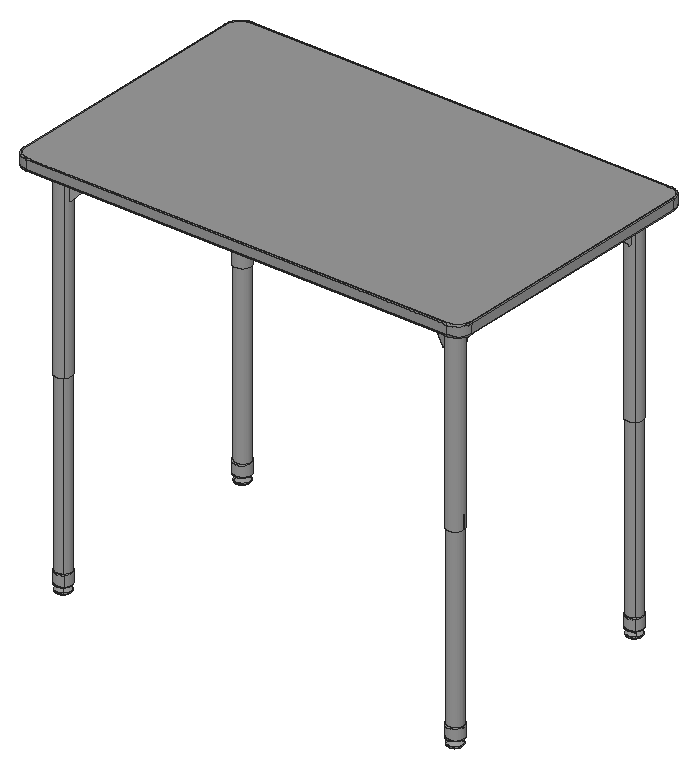
Revit family "Hierarchy Activity 48x30 Rectangle Table - Standing Height", category Furniture, Revit 2018
Family settings
  Work Plane-Based = No
  Always vertical = Yes
  Cut with Voids When Loaded = No
  Shared = No
  Room Calculation Point = No
Parameters
  Table Height = 3' - 5"
  Surface = Hierarchy Activity 48x30 Rectangle Table Standing Surface
  Leg Finish = Hierarchy Leg Platinum
  Edgeband = Hierarchy Activity 48x30 Rectangle Table Standing Edgeband
  Caster/Glide = Hierarchy Standing Leg - Glide : Hierarchy Standing Leg - Glide
Reference planes (in)
  plane 1 "Center (Front/Back)": y = 0
  plane 2: z = 0
  plane 3 "Center (Left/Right)": x = 0
  plane 4: z = 41
Dimensions and locks (in)
  "Table Height": plane 4 to level
  aligned and locked: plane 2 to level
  aligned and locked: nested 1 to plane 4
Nested families (in)
  nested 1: "Activity 48x30 Tabletop" at (0, 0, 17.075), type "Activity 48x30 Tabletop"
  nested 2: "Hierarchy Standing Leg - Glide" at (-21, 12, 0) x (0.7071, 0.7071, 0) z (0, 0, 1), type <- "Caster/Glide", Leg Finish <- "Leg Finish", Leg Height <- "Table Height", type "Hierarchy Standing Leg - Glide"
  nested 3: "Hierarchy Standing Leg - Glide" at (-21, -12, 0) x (-0.7071, 0.7071, 0) z (0, 0, 1), type <- "Caster/Glide", Leg Finish <- "Leg Finish", Leg Height <- "Table Height", type "Hierarchy Standing Leg - Glide"
  nested 4: "Hierarchy Standing Leg - Glide" at (21, -12, 0) x (-0.7071, -0.7071, 0) z (0, 0, 1), Leg Finish <- "Leg Finish", Leg Height <- "Table Height", type "Hierarchy Standing Leg - Glide"
    with Leg Height 3' - 5", Leg Finish Hierarchy Leg Platinum
  nested 5: "Hierarchy Standing Leg - Glide" at (21, 12, 0) x (0.7071, -0.7071, 0) z (0, 0, 1), Leg Finish <- "Leg Finish", Leg Height <- "Table Height", type "Hierarchy Standing Leg - Glide"
    with Leg Height 3' - 5", Leg Finish Hierarchy Leg Platinum
Definition of nested family "Activity 48x30 Tabletop"
  Parameters (values of type "Activity 48x30 Tabletop")
    Surface = none
    Edgeband = none
  Reference planes (in)
    plane 1 "Center (Front/Back)": y = 0
    plane 2: z = 0
    plane 3 "Center (Left/Right)": x = 0
  Forms (in)
    Extrusion 1, solid, material <- "Surface"
      sketch origin (0, 3, 0) x (1, 0, 0) y (0, 1, 0)
        loop
          line (22.5, 11.88189) -> (-22.5, 11.88189)
          arc (-22.5, 11.88189) -> (-23.47714, 11.47714) -> (-23.88189, 10.5) r 1.38189
          line (-23.88189, 10.5) -> (-23.88189, -16.5)
          arc (-23.88189, -16.5) -> (-23.47714, -17.47714) -> (-22.5, -17.88189) r 1.38189
          line (-22.5, -17.88189) -> (22.5, -17.88189)
          arc (22.5, -17.88189) -> (23.47714, -17.47714) -> (23.88189, -16.5) r 1.38189
          line (23.88189, -16.5) -> (23.88189, 10.5)
          arc (23.88189, 10.5) -> (23.47714, 11.47714) -> (22.5, 11.88189) r 1.38189
      from 23.925 to 25.125
    Sweep 2, solid, material <- "Edgeband"
      path origin (0, 3, 0) x (1, 0, 0) y (0, 1, 0)
        loop
          line (22.5, 11.88189) -> (-22.5, 11.88189)
          arc (-22.5, 11.88189) -> (-23.47714, 11.47714) -> (-23.88189, 10.5) r 1.38189
          line (-23.88189, 10.5) -> (-23.88189, -16.5)
          arc (-23.88189, -16.5) -> (-23.47714, -17.47714) -> (-22.5, -17.88189) r 1.38189
          line (-22.5, -17.88189) -> (22.5, -17.88189)
          arc (22.5, -17.88189) -> (23.47714, -17.47714) -> (23.88189, -16.5) r 1.38189
          line (23.88189, -16.5) -> (23.88189, 10.5)
          arc (23.88189, 10.5) -> (23.47714, 11.47714) -> (22.5, 11.88189) r 1.38189
      profile origin (0, 14.88189, 0) x (0, -1, 0) y (0, 0, 1)
        loop
          arc (-0.11811, 24.04311) -> (-0.08352, 23.95959) -> (0, 23.925) r 0.11811
          line (0, 23.925) -> (0, 25.125)
          arc (0, 25.125) -> (-0.08352, 25.09041) -> (-0.11811, 25.00689) r 0.11811
          line (-0.11811, 25.00689) -> (-0.11811, 24.04311)
  Dimensions and locks (in)
    aligned and locked: plane 2 to level
Definition of nested family "Hierarchy Standing Leg - Glide"
  Parameters (values of type "Hierarchy Standing Leg - Glide")
    Leg Finish [instance] = none
    Leg Height [instance] = 3' - 5"
  Reference planes (in)
    plane 1 "Center (Front/Back)": y = 0
    plane 2: z = 0
    plane 3 "Center (Left/Right)": x = 0
  Forms (in)
    Extrusion 1, solid
      sketch origin (-0.01562, 0, 0) x (1, 0, 0) y (0, 1, 0)
        loop
          circle (0.01563, 0) r 0.79147
      from 2 to 23.175
    Revolve 2, solid
      sketch origin (0, 0, 0) x (1, 0, 0) y (0, 0, 1)
        loop
          line (0, 2) -> (0, 0.74937) -> (0.84838, 0.74937)
          arc (0.84838, 0.74937) -> (0.89342, 0.76803) -> (0.91207, 0.81306) r 0.06369
          line (0.91207, 0.81306) -> (0.91207, 1.93631)
          arc (0.91207, 1.93631) -> (0.89342, 1.98134) -> (0.84838, 2) r 0.06369
          line (0.84838, 2) -> (0, 2)
        axis (0, 2) -> (0, 0.74937)
      angle from 0 to 360
    Revolve 3, solid
      sketch origin (0, 0, 0) x (1, 0, 0) y (0, 0, 1)
        loop
          line (0, 0.75) -> (0, 0) -> (0.74583, 0) -> (0.79147, 0.09013) -> (0.79147, 0.16241) -> (0.12474, 0.5) -> (0.12474, 0.75) -> (0, 0.75)
        axis (0, 0.75) -> (0, 0)
      angle from 0 to 360
  Dimensions and locks (in)
    "Leg Height": nested 1 to level
    aligned and locked: plane 2 to level
  Automatic sketch dimensions
    plane 1 "Center (Front/Back)" to Extrusion 1 sketch curve = 0' - 0"
    Extrusion 1 sketch curve to plane 3 "Center (Left/Right)" = 0' - 0"
    Revolve 2 sketch curve to plane 3 "Center (Left/Right)" = 0' - 0"  (x2)
    plane 3 "Center (Left/Right)" to Revolve 2 sketch curve = 0' - 0.84838"
    Revolve 2 sketch curve to Revolve 2 sketch curve = 0' - 0.84838"
    Revolve 2 sketch curve to Revolve 2 sketch curve = 0' - 0.06369"
    level to Revolve 2 sketch curve = 0' - 0.74937"
    Revolve 2 sketch curve to Revolve 2 sketch curve = 0' - 1.12324"
    Revolve 2 sketch curve to Revolve 2 sketch curve = 0' - 0.13731"
    Revolve 2 sketch curve to Revolve 2 sketch curve = 0' - 0 3/4"
    Revolve 3 sketch curve to plane 3 "Center (Left/Right)" = 0' - 0"  (x2)
    Revolve 3 sketch curve to level = 0' - 0"
    plane 3 "Center (Left/Right)" to Revolve 3 sketch curve = 0' - 0.12474"
    plane 3 "Center (Left/Right)" to Revolve 3 sketch curve = 0' - 0.74583"
    Revolve 3 sketch curve to Revolve 3 sketch curve = 0' - 0.04564"
    level to Revolve 3 sketch curve = 0' - 0.09013"
    Revolve 3 sketch curve to Revolve 3 sketch curve = 0' - 0.07228"
    level to Revolve 3 sketch curve = 0' - 0 1/2"
    Revolve 3 sketch curve to Revolve 3 sketch curve = 0' - 0 1/4"
    Revolve 3 sketch curve to level = 0' - 0 1/8"
    Revolve 3 sketch curve to Revolve 3 sketch curve = 0' - 0 1/8"
    radius of Extrusion 1 sketch curve = 0' - 0.79147"
  Nested families (in)
    nested 1: "Hierarchy Standing Upper Leg 2023" at (0, 0, 0.19983), Leg Finish <- "Leg Finish", type "Hierarchy Standing Upper Leg 2023"
      with Leg Finish none
  Definition of nested family "Hierarchy Standing Upper Leg 2023"
    Parameters (values of type "Hierarchy Standing Upper Leg 2023")
      Leg Finish [instance] = none
    Reference planes (in)
      plane 1 "Center (Front/Back)": y = 0
      plane 2: z = 0
      plane 3 "Center (Left/Right)": x = 0
    Forms (in)
      Extrusion 1, solid, material <- "Leg Finish"
        sketch origin (0, 0, 0) x (1, 0, 0) y (0, 1, 0)
          loop
            circle (0, 0) r 0.9129
        from 20.67418 to 40.67418
      Extrusion 2, solid, material <- "Leg Finish"
        sketch origin (0, 0, 12.998) x (1, 0, 0) y (0, 1, 0)
          loop
            line (-1.70174, 0.19183) -> (-3.96611, -4.49738)
            arc (-3.96611, -4.49738) -> (-3.91977, -5.33444) -> (-3.18615, -5.74016) r 0.86614
            line (-3.18615, -5.74016) -> (3.18615, -5.74016)
            arc (3.18615, -5.74016) -> (3.91977, -5.33444) -> (3.96611, -4.49738) r 0.86614
            line (3.96611, -4.49738) -> (1.70174, 0.19183)
            arc (1.70174, 0.19183) -> (0, 1.25984) -> (-1.70174, 0.19183) r 1.88976
        from 27.67618 to 27.80217
      Extrusion 3, solid, material <- "Leg Finish"
        sketch origin (12.41967, 1.58692, 0) x (0.434844, 0.900506, 0) y (0, 0, 1)
          loop
            arc (-12.68776, 40.67418) -> (-12.80559, 40.56418) -> (-12.70394, 40.43908) r 0.11811
            arc (-12.70394, 40.43908) -> (-9.98192, 39.53509) -> (-7.76426, 37.71614) r 7.87402
            arc (-7.76426, 37.71614) -> (-7.63344, 37.68136) -> (-7.55587, 37.79229) r 0.11811
            line (-7.55587, 37.79229) -> (-7.55587, 40.67418) -> (-12.68776, 40.67418)
        from -11.10976 to -10.98378
      Extrusion 4, solid, material <- "Leg Finish"
        sketch origin (-12.41967, 1.58692, 0) x (-0.434844, 0.900506, 0) y (0, 0, -1)
          loop
            line (-12.68776, -40.67418) -> (-7.55587, -40.67418) -> (-7.55587, -37.79229)
            arc (-7.55587, -37.79229) -> (-7.63344, -37.68136) -> (-7.76426, -37.71614) r 0.11811
            arc (-7.76426, -37.71614) -> (-9.98192, -39.53509) -> (-12.70394, -40.43908) r 7.87402
            arc (-12.70394, -40.43908) -> (-12.80559, -40.56418) -> (-12.68776, -40.67418) r 0.11811
        from -11.10976 to -10.98378
    Dimensions and locks (in)
      aligned and locked: plane 2 to level
